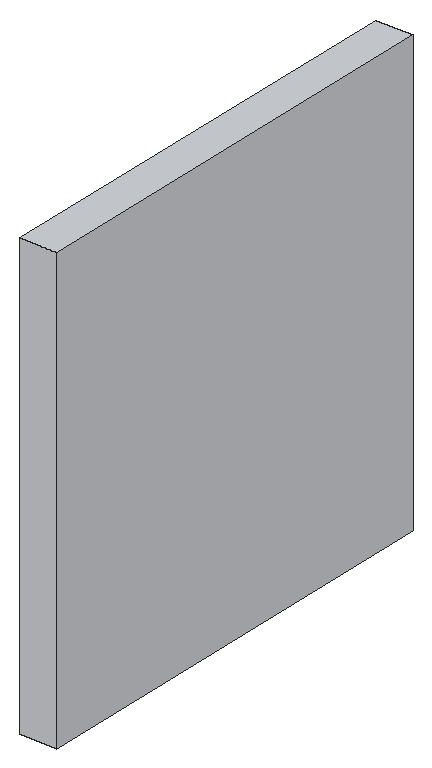
Revit family "M_Rectangular Endcap", category Duct Fittings, Revit 2014
Parameters (values of type "Standard")
  Duct Width [instance] = 300 mm
  built-in parameter 1114242 [instance] = (empty or 0)
  Duct Length = 25 mm
  Duct Height [instance] = 300 mm
Reference planes
  plane 1 "Center (Front/Back)": y = 0
  plane 2: z = 0
  plane 3 "Center (Left/Right)": x = 0
  plane 4: x = 25
Forms (mm)
  Sweep 1, solid, detail levels medium+fine
    path in 3D
      loop
        line (0, 0, 0) -> (25, 0, 0)
    profile "M_Duct - Rectangular : Duct - Rectangular" origin (12.5, 0, 0) x (0, 1, 0) y (0, 0, 1)
      loop
        line (-150, 150) -> (-150, -150) -> (150, -150) -> (150, 150) -> (-150, 150)
Lines and regions (mm)
  reference lines
    curve 1: line (0, 0, 0) -> (25, 0, 0)
    curve 6: line (0, 0, 0) -> (25, 0, 0)
  sketch lines
    curve 2: line (0, 0, 0) -> (25, 0, 0)
  model lines, style "DuctFitting", detail levels coarse
    curve 3: line (0, 150, 0) -> (0, -150, 0)
    curve 4: line (0, -150, 0) -> (-101.6, -150, 0)
    curve 5: line (0, 150, 0) -> (-101.6, 150, 0)
Dimensions and locks
  "Duct Length": plane 3 "Center (Left/Right)" to plane 4
  aligned and locked: plane 1 "Center (Front/Back)" to curve 1
  aligned and locked: plane 3 "Center (Left/Right)" to curve 1
  aligned and locked: Sweep 1 to curve 5
  aligned and locked: plane 3 "Center (Left/Right)" to curve 6
  aligned and locked: plane 1 "Center (Front/Back)" to curve 6
  aligned and locked: curve 4 to Sweep 1
Automatic sketch dimensions
  curve 5 to plane 3 "Center (Left/Right)" = 0 mm
  curve 5 to curve 3 = 101.6 mm
  curve 4 to curve 3 = 101.6 mm
  curve 1 to plane 4 = 0 mm
  curve 6 to plane 4 = 0 mm
Connectors
  hvac at (0, 0, 0), driven by "Duct Height", driven by "Duct Width"
    settings: on Sweep 1, index 1, duct flow 0.0 L/s, flow factor 0, pres drop 0.0 Pa, loss coef 0, conn angle 0.00°, conn width 300 mm, conn height 300 mm, conn diameter 609.6 mm, duct sys type 28, conn prof type 1, flow config 0, flow direction 0, loss method 0, conn ref index -1, conn util no, is conn primary yes, conn desc ""
